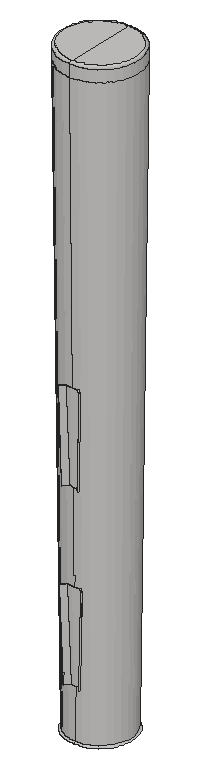
Revit family "QF_Vollrath_SLC-1", category Specialty Equipment, Revit 2016
Family settings
  Part Type = Normal
  Round Connector Dimension = Use Diameter
  OmniClass Number = 23.40.40.00
  OmniClass Title = Food Service Equipment and Furnishings
  Work Plane-Based = Yes
  Always vertical = Yes
  Cut with Voids When Loaded = No
  Shared = No
  Room Calculation Point = No
Parameters
  Width = 3 3/16"
  Weight in Pounds = 0
  Watermarked By = ""
  URL Cutsheet = ""
  Specification by User [instance] = ""
  Specification by Manufacturer [instance] = ""
  Serial Number [instance] = ""
  Revision Code [instance] = ""
  NAFEM Spec ID Number [instance] = ""
  Model = "SLC-1"
  Masterspec [instance] = ""
  Manufacturer = "Vollrath"
  Item Number [instance] = "-"
  Installed By [instance] = ""
  Height = 25 3/4"
  Furnished By [instance] = ""
  Foodservice Equipment Identifier = yes
  Description = "Cup Dispenser"
  Depth = 3 3/16"
  Default Elevation = 48"
  CSI MasterFormat = ""
Reference planes (in)
  plane 1 "BACK": y = 0
  plane 2 "BOTTOM": z = 0
  plane 3 "LEFT": x = -16.56573
  plane 4 "RIGHT": x = -13.37823
  plane 5 "FRONT": y = -3.1875
  plane 6 "TOP": z = 25.75
  plane 7: z = 25.16
  plane 8 "CNTR LR": x = -14.97198
  plane 9 "CNTR FB": y = -1.59375
  plane 10 "Bottom Screw 1": z = 2.19
  plane 11 "Bottom of Screw 2": z = 5.94
  plane 12 "Top Screw 1": z = 9.69
  plane 13 "Top Screw 2": z = 12.875
Forms (in)
  Revolve 1, solid, material "QF_Stainless-Polished"
    sketch origin (-14.97198, 0, 0) x (0, 1, 0) y (0, 0, 1)
      loop
        line (-0.1, 25.75) -> (-1.59375, 25.75) -> (-1.59375, 25.16) -> (0, 25.16) -> (0, 25.65)
        arc (0, 25.65) -> (-0.02929, 25.72071) -> (-0.1, 25.75) r 0.1
      axis (-1.59375, 25.16) -> (-1.59375, 25.75)
    angle from 0 to 360
  Blend 2, solid, material "QF_Stainless-Polished"
    base sketch origin (0, 0, 9.69) x (0, 1, 0) y (-1, 0, 0)
      loop
        arc (-3.01474, 15.1337) -> (-3.0242, 14.97198) -> (-3.01474, 14.81025) r 1.38697
        line (-3.01474, 14.81025) -> (-3.18039, 14.64459)
        arc (-3.18039, 14.64459) -> (-3.17655, 14.62696) -> (-3.1725, 14.60938) r 1.57751
        line (-3.1725, 14.60938) -> (-2.98273, 14.79983)
        arc (-2.98273, 14.79983) -> (-2.9937, 14.97198) -> (-2.98273, 15.14412) r 1.35646
        line (-2.98273, 15.14412) -> (-3.1725, 15.33457)
        arc (-3.1725, 15.33457) -> (-3.17655, 15.31699) -> (-3.18039, 15.29936) r 1.57751
        line (-3.18039, 15.29936) -> (-3.01474, 15.1337)
    top sketch origin (0, 0, 9.69) x (0, 1, 0) y (-1, 0, 0)
      loop
        line (-3.24121, 15.39775) -> (-3.08296, 15.2395)
        arc (-3.08296, 15.2395) -> (-3.10924, 14.97198) -> (-3.08296, 14.70445) r 1.3749
        line (-3.08296, 14.70445) -> (-3.24121, 14.5462)
        arc (-3.24121, 14.5462) -> (-3.2364, 14.52953) -> (-3.2314, 14.51291) r 1.56587
        line (-3.2314, 14.51291) -> (-3.04989, 14.69509)
        arc (-3.04989, 14.69509) -> (-3.07871, 14.97198) -> (-3.04989, 15.24886) r 1.34438
        line (-3.04989, 15.24886) -> (-3.2314, 15.43104)
        arc (-3.2314, 15.43104) -> (-3.2364, 15.41442) -> (-3.24121, 15.39775) r 1.56587
    from 0 to 3.75
  Revolve 3, solid, material "QF_Stainless-Polished"
    sketch origin (-14.97198, 0, 0) x (0, 1, 0) y (0, 0, 1)
      loop
        line (-0.31735, 0) -> (-0.23249, 0)
        arc (-0.23249, 0) -> (-0.28229, 0.0208) -> (-0.30249, 0.07084) r 0.07
        line (-0.30249, 0.07084) -> (0, 25.16) -> (-0.04, 25.16) -> (-0.3425, 0.07027)
        arc (-0.3425, 0.07027) -> (-0.33607, 0.03294) -> (-0.31735, 0) r 0.11
      axis (-1.59375, 0) -> (-1.59375, 25.16)
    angle from 0 to 360
  Blend 4, solid, material "QF_Stainless-Polished"
    base sketch origin (0, 0.07267, 2.19) x (0, 1, 0) y (-1, 0, 0)
      loop
        arc (-3.01474, 15.1337) -> (-3.0242, 14.97198) -> (-3.01474, 14.81025) r 1.38697
        line (-3.01474, 14.81025) -> (-3.18039, 14.64459)
        arc (-3.18039, 14.64459) -> (-3.17655, 14.62696) -> (-3.1725, 14.60938) r 1.57751
        line (-3.1725, 14.60938) -> (-2.98273, 14.79983)
        arc (-2.98273, 14.79983) -> (-2.9937, 14.97198) -> (-2.98273, 15.14412) r 1.35646
        line (-2.98273, 15.14412) -> (-3.1725, 15.33457)
        arc (-3.1725, 15.33457) -> (-3.17655, 15.31699) -> (-3.18039, 15.29936) r 1.57751
        line (-3.18039, 15.29936) -> (-3.01474, 15.1337)
    top sketch origin (0, 0.07267, 2.19) x (0, 1, 0) y (-1, 0, 0)
      loop
        line (-3.24121, 15.39775) -> (-3.08296, 15.2395)
        arc (-3.08296, 15.2395) -> (-3.10924, 14.97198) -> (-3.08296, 14.70445) r 1.3749
        line (-3.08296, 14.70445) -> (-3.24121, 14.5462)
        arc (-3.24121, 14.5462) -> (-3.2364, 14.52953) -> (-3.2314, 14.51291) r 1.56587
        line (-3.2314, 14.51291) -> (-3.04989, 14.69509)
        arc (-3.04989, 14.69509) -> (-3.07871, 14.97198) -> (-3.04989, 15.24886) r 1.34438
        line (-3.04989, 15.24886) -> (-3.2314, 15.43104)
        arc (-3.2314, 15.43104) -> (-3.2364, 15.41442) -> (-3.24121, 15.39775) r 1.56587
    from 0 to 3.75
Lines and regions (in)
  symbolic lines
    curve 1: circle (-14.97198, -1.59375, 9.69) r 1.59375 normal (0, 0, 1)
  symbolic lines, style "QF_Details_Surface"
    curve 2: line (-15.24886, -3.04989, 9.69) -> (-15.41731, -3.2314, 9.69)
    curve 3: arc (-14.69509, -3.04989, 9.69) -> (-14.97198, -3.07871, 9.69) -> (-15.24886, -3.04989, 9.69) r 1.34438
    curve 4: line (-14.51291, -3.2314, 9.69) -> (-14.69509, -3.04989, 9.69)
    curve 5: line (-14.70445, -3.08296, 9.69) -> (-14.5462, -3.24121, 9.69)
    curve 6: arc (-15.2395, -3.08296, 9.69) -> (-14.97198, -3.10924, 9.69) -> (-14.70445, -3.08296, 9.69) r 1.3749
    curve 7: line (-15.39775, -3.24121, 9.69) -> (-15.2395, -3.08296, 9.69)
    curve 8: arc (-15.41731, -3.2314, 9.69) -> (-15.40755, -3.23634, 9.69) -> (-15.39775, -3.24121, 9.69) r 1.68013
    curve 9: arc (-14.5462, -3.24121, 9.69) -> (-14.52953, -3.2364, 9.69) -> (-14.51291, -3.2314, 9.69) r 1.56587
Dimensions and locks (in)
  "Width": plane 3 "LEFT" to plane 4 "RIGHT"
  "Depth": plane 5 "FRONT" to plane 1 "BACK"
  "Height": plane 6 "TOP" to plane 2 "BOTTOM"
  locked: plane 6 "TOP" to plane 7 at 0.59
  equal spacing: plane 3 "LEFT", plane 8 "CNTR LR", plane 4 "RIGHT"
  equal spacing: plane 5 "FRONT", plane 9 "CNTR FB", plane 1 "BACK"
  locked: plane 11 "Bottom of Screw 2" to plane 10 "Bottom Screw 1" at 3.75
  locked: plane 12 "Top Screw 1" to plane 11 "Bottom of Screw 2" at 3.75
  equal spacing: plane 6 "TOP", plane 13 "Top Screw 2", plane 2 "BOTTOM"
  plane 10 "Bottom Screw 1" to plane 2 "BOTTOM" = 2.19"
  aligned and locked: level to plane 2 "BOTTOM"
  aligned and locked: Revolve 1 sketch curve to Revolve 1 sketch curve
  aligned and locked: plane 7 to Revolve 1 sketch curve
  aligned and locked: Revolve 1 sketch curve to plane 9 "CNTR FB"
  aligned and locked: Revolve 1 sketch curve to plane 6 "TOP"
  aligned and locked: plane 1 "BACK" to Revolve 1 sketch curve
Automatic sketch dimensions
  Revolve 1 sketch curve to plane 7 = 0"
  Revolve 1 sketch curve to plane 6 "TOP" = 0"
  Revolve 1 sketch curve to Revolve 1 sketch curve = 0.1"
  Blend 2 sketch curve to Blend 2 sketch curve = 0"  (x24)
  Blend 2 sketch curve to plane 8 "CNTR LR" = 0"  (x2)
  Blend 2 sketch curve to plane 5 "FRONT" = 0.00711"  (x2)
  Blend 2 sketch curve to plane 5 "FRONT" = 0.015"  (x2)
  Blend 2 sketch curve to plane 5 "FRONT" = 0.17276"
  plane 8 "CNTR LR" to Blend 2 sketch curve = 0.16173"
  Blend 2 sketch curve to Blend 2 sketch curve = 0.16565"  (x3)
  Blend 2 sketch curve to Blend 2 sketch curve = 0.03201"  (x2)
  plane 8 "CNTR LR" to Blend 2 sketch curve = 0.17214"
  plane 9 "CNTR FB" to Blend 2 sketch curve = 0.04348"
  plane 5 "FRONT" to Blend 2 sketch curve = 0.05371"  (x2)
  Blend 2 sketch curve to Blend 2 sketch curve = 0.00981"  (x2)
  Blend 2 sketch curve to plane 5 "FRONT" = 0.10454"  (x2)
  Blend 2 sketch curve to Blend 2 sketch curve = 0.03307"  (x2)
  plane 9 "CNTR FB" to Blend 2 sketch curve = 0.14058"
  plane 8 "CNTR LR" to Blend 2 sketch curve = 0.26752"
  Blend 2 sketch curve to Blend 2 sketch curve = 0.00936"
  Blend 2 sketch curve to Blend 2 sketch curve = 0.15825"  (x2)
  Revolve 3 sketch curve to plane 7 = 0"  (x2)
  Revolve 3 sketch curve to plane 9 "CNTR FB" = 0"
  Revolve 3 sketch curve to level = 0"  (x2)
  Revolve 3 sketch curve to plane 1 "BACK" = 0"
  level to Revolve 3 sketch curve = 0.07027"
  plane 1 "BACK" to Revolve 3 sketch curve = 0.3425"
  Revolve 3 sketch curve to Revolve 3 sketch curve = 0.02515"
  level to Revolve 3 sketch curve = 0.07084"
  Revolve 3 sketch curve to Revolve 3 sketch curve = 0.04001"
  Revolve 3 sketch curve to Revolve 3 sketch curve = 0.06999"
  Revolve 3 sketch curve to Revolve 3 sketch curve = 0"
  Revolve 3 sketch curve to Revolve 3 sketch curve = 0.04"
  Blend 4 sketch curve to Blend 4 sketch curve = 0"  (x24)
  Blend 4 sketch curve to plane 8 "CNTR LR" = 0"  (x2)
  Blend 4 sketch curve to plane 5 "FRONT" = 0.07978"  (x2)
  Blend 4 sketch curve to plane 5 "FRONT" = 0.08767"  (x2)
  Blend 4 sketch curve to plane 5 "FRONT" = 0.24543"
  plane 8 "CNTR LR" to Blend 4 sketch curve = 0.16173"
  Blend 4 sketch curve to Blend 4 sketch curve = 0.16565"  (x3)
  Blend 4 sketch curve to Blend 4 sketch curve = 0.03201"  (x2)
  plane 8 "CNTR LR" to Blend 4 sketch curve = 0.17214"
  Blend 4 sketch curve to plane 9 "CNTR FB" = 0.02919"
  Blend 4 sketch curve to plane 5 "FRONT" = 0.01896"  (x2)
  Blend 4 sketch curve to Blend 4 sketch curve = 0.00981"  (x2)
  Blend 4 sketch curve to plane 5 "FRONT" = 0.17721"  (x2)
  Blend 4 sketch curve to Blend 4 sketch curve = 0.03307"  (x2)
  plane 9 "CNTR FB" to Blend 4 sketch curve = 0.06791"
  plane 8 "CNTR LR" to Blend 4 sketch curve = 0.26752"
  Blend 4 sketch curve to Blend 4 sketch curve = 0.00936"
  Blend 4 sketch curve to Blend 4 sketch curve = 0.15825"  (x2)
  curve 3 to curve 6 = 0"  (x2)
  curve 3 to curve 9 = 0"  (x2)
  curve 6 to curve 9 = 0"  (x2)
  curve 3 to plane 8 "CNTR LR" = 0"
  curve 1 to plane 8 "CNTR LR" = 0"
  plane 9 "CNTR FB" to curve 1 = 0"
  plane 9 "CNTR FB" to curve 8 = 0.14058"
  curve 6 to curve 1 = 0.14058"
  curve 2 to plane 5 "FRONT" = 0.13761"
  curve 4 to plane 5 "FRONT" = 0.13761"
  curve 7 to curve 3 = 0.03307"
  curve 5 to curve 4 = 0.03307"
  plane 5 "FRONT" to curve 2 = 0.0439"
  plane 5 "FRONT" to curve 4 = 0.0439"
  curve 7 to curve 2 = 0.00981"
  curve 5 to curve 9 = 0.00981"
  plane 8 "CNTR LR" to curve 5 = 0.26752"
  curve 4 to curve 5 = 0.00936"
  plane 8 "CNTR LR" to curve 8 = 0.3173"
  curve 5 to curve 6 = 0.15825"
  curve 6 to curve 7 = 0.15825"
  radius of curve 1 = 1 19/32"
